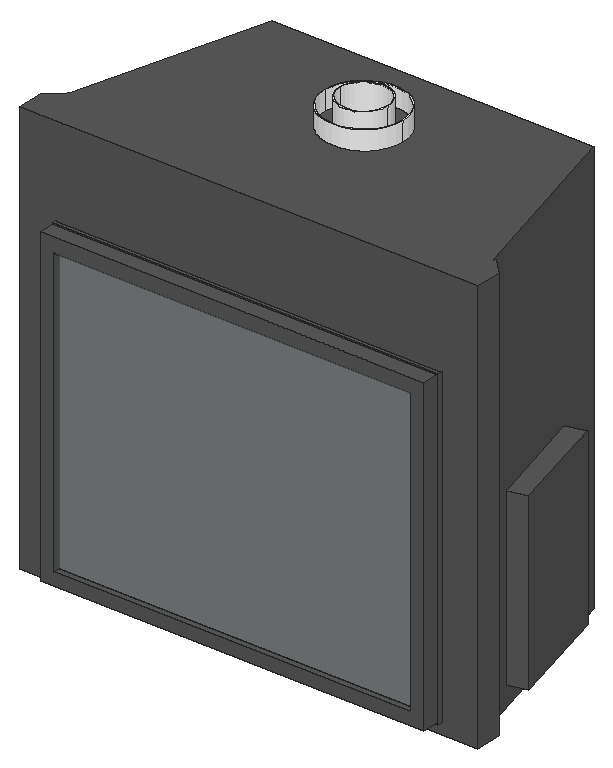
Revit family "H36PV", category Generic Models, Revit 2019
Family settings
  Can host rebar = No
  Round Connector Dimension = Use Diameter
  Part Type = Normal
  Work Plane-Based = No
  Always vertical = Yes
  Cut with Voids When Loaded = No
  Shared = No
  Room Calculation Point = No
Parameters
  Width = 12 5/16"
  URL = "https://www.montigo.com/"
  Model = ""
  Manufacturer Fax = ""
  Manufacturer Website = "https://www.montigo.com/"
  Manufacturer Phone - Toll Free = "800-378-3115"
  Manufacturer Phone = ""
  Manufacturer Address = "27342 Gloucester Way  Langley, BC, Canada   V4W 4A1"
  Manufacturer = "Montigo"
  Length = 53 7/16"
  Keynote = ""
  Glazing Tint = Glass - Montigo - Tint as Specified
  Frame Material = Metal - Montigo - Black
  Firebox Material = Metal - Montigo - White
  Fire Place Length = 50 5/16"
  Fire Place Height = 24 1/2"
  Fire Place - Opening = 16 9/16"
  Description = "Montigo Fireplace as Specified"
  Base Height = 6 9/16"
Reference planes (in)
  plane 1 "Center (Front/Back)": y = 0
  plane 2: z = 0
  plane 3 "Center (Left/Right)": x = 0
  plane 4: z = 5.25
  plane 5: z = 28
Forms (in)
  Extrusion 1, solid, material "Metal - Montigo - Black" <- "Frame Material"
    sketch origin (0, -46.333, 0) x (1, 0, 0) y (0, 1, 0)
      loop
        line (-16.14151, 69.364) -> (-21.21647, 50.424) -> (-21.40625, 50.424) -> (-22.90625, 48.924) -> (-22.90625, 46.333) -> (22.90625, 46.333) -> (22.90625, 48.924) -> (21.40625, 50.424) -> (21.24675, 50.424) -> (16.07813, 69.364) -> (-16.14151, 69.364)
    from 0 to 41.40625
  Extrusion 2, solid, material "Metal - Montigo - Black" <- "Frame Material"
    sketch origin (0, -46.333, 0) x (1, 0, 0) y (0, 1, 0)
      loop
        line (20.62815, 52.6908) -> (22.54221, 53.20367) -> (19.61186, 64.13988) -> (17.6474, 63.61351) -> (20.62815, 52.6908)
    from 2.125 to 19.5
  Extrusion 3, solid, material "Metal - Montigo - Black" <- "Frame Material"
    sketch origin (0, -46.333, 0) x (-1, 0, 0) y (0, -1, 0)
      loop
        line (20.62815, -52.6908) -> (17.6474, -63.61351) -> (19.61186, -64.13988) -> (22.54221, -53.20367) -> (20.62815, -52.6908)
    from 2.125 to 19.5
  Extrusion 4, solid, material "Metal - Montigo - Black" <- "Frame Material"
    sketch origin (0, -46.333, 0) x (1, 0, 0) y (0, 1, 0)
      loop
        line (19.28125, 46.333) -> (-19.28125, 46.333) -> (-19.28125, 45.893) -> (19.28125, 45.893) -> (19.28125, 46.333)
    from 1 to 32.4375
  Extrusion 5, solid, material "Metal - Montigo - Black" <- "Frame Material"
    sketch origin (0, -46.333, 0) x (1, 0, 0) y (0, 1, 0)
      loop
        line (19.15425, 45.893) -> (-19.15425, 45.893) -> (-19.15425, 44.285) -> (19.15425, 44.285) -> (19.15425, 45.893)
    from 1.125 to 32.375
  Extrusion 6, void
    sketch origin (42.25, -6.4375, 0) x (-1, 0, 0) y (0, 0, -1)
      loop
        line (60.125, -31) -> (60.125, -2.375) -> (24.375, -2.375) -> (24.375, -31) -> (60.125, -31)
    from -4.3895 to -5
Cuts and joins
  Extrusion 6 cuts Extrusion 5
Lines and regions (in)
  symbolic lines
    curve 1: line (74.30984, -34.08423, 0) -> (78.30984, -34.08423, 0)
Dimensions and locks (in)
  plane 5 to plane 4 to level = 22 3/4", 5 1/4"  (x2)
  nested 3 to level = 35 5/8"
  Extrusion 5 to Extrusion 5 = 38.3085"
  nested 2 to plane 1 "Center (Front/Back)" = 14.386"
  level to nested 3 = 35 5/8"
  aligned and locked: level to plane 2
  aligned and locked: nested 2 to nested 1
  aligned and locked: nested 1 to plane 3 "Center (Left/Right)"
  aligned and locked: nested 2 to plane 3 "Center (Left/Right)"
  aligned and locked: nested 3 to plane 3 "Center (Left/Right)"
Nested families (in)
  nested 1: "Duct Dia" at (0, 14.386, 41.40625) x (-1, 0, 0) z (0, 0, 1), type "4 7/8""
    with Intake Duct Dia 4 7/8", Intake Diameter 4 3/4", Height 2 5/8"
  nested 2: "Duct Dia" at (0, 14.386, 41.40625) x (-1, 0, 0) z (0, 0, 1), type "7 7/8""
    with Intake Duct Dia 7 7/8", Intake Diameter 7 3/4", Height 1 7/8"
  nested 3: "Duct Dia" at (0, 23.031, 35.625) x (-1, 0, 0) z (0, 1, 0), type "7 7/8""
    with Intake Duct Dia 7 7/8", Intake Diameter 7 3/4", Height 1 7/8"
Connectors (in)
  hvac at (0, 14.386, 44.03125)
    settings: on nested 1, index 8, duct flow 0.0 L/s, flow factor 0, pres drop 0.0 Pa, loss coef 0, conn angle 0.00°, conn width 304.8 mm, conn height 304.8 mm, conn diameter 123.825 mm, duct sys type 3, conn prof type 0, flow config 0, flow direction 0, loss method 0, conn ref index -1, conn util no, is conn primary yes, conn desc ""
  hvac at (0, 24.906, 35.625)
    settings: on nested 3, index 11, duct flow 0.0 L/s, flow factor 0, pres drop 0.0 Pa, loss coef 0, conn angle 0.00°, conn width 304.8 mm, conn height 304.8 mm, conn diameter 200.025 mm, duct sys type 3, conn prof type 0, flow config 0, flow direction 0, loss method 0, conn ref index -1, conn util no, is conn primary no, conn desc ""
  hvac at (0, 14.386, 43.28125)
    settings: on nested 2, index 12, duct flow 0.0 L/s, flow factor 0, pres drop 0.0 Pa, loss coef 0, conn angle 0.00°, conn width 304.8 mm, conn height 304.8 mm, conn diameter 200.025 mm, duct sys type 1, conn prof type 0, flow config 0, flow direction 0, loss method 0, conn ref index -1, conn util no, is conn primary no, conn desc ""
Definition of nested family "Duct Dia"
  Parameters (values of type "15 7/8" Dia.")
    Intake Duct Dia = 15 7/8"
    Intake Diameter = Intake Duct Dia - 1/8"  # 15 3/4"
    Height = 4"
    Firebox Material = none
    Default Elevation = 48"
  Types (12): name | Intake Duct Dia | Intake Diameter | Height
    9 7/8" Dia. | 9 7/8" | 9 3/4" | 4"
    7 7/8" Dia | 7 7/8" | 7 3/4" | 4"
    8 1/8" Dia | 8 1/8" | 8" | 1/4"
    11 3/4" Dia | 11 3/4" | 11 5/8" | 4"
    4" Dia | 10" | 9 7/8" | 4"
    7 3/4" Dia | 7 3/4" | 7 5/8" | 4"
    6 7/8" Dia | 6 7/8" | 6 3/4" | 1/4"
    9 3/4" Dia. | 9 3/4" | 9 5/8" | 4"
    7 1/8" Dia | 7 1/8" | 7" | 1/4"
    11 7/8" Dia. | 11 7/8" | 11 3/4" | 4"
    13 7/8" Dia. | 13 7/8" | 13 3/4" | 4"
    15 7/8" Dia. | 15 7/8" | 15 3/4" | 4"
  Reference planes (in)
    plane 1 "Center (Front/Back)": y = 0
    plane 2: z = 0
    plane 3 "Center (Left/Right)": x = 0
    plane 4: z = 4
  Forms (in)
    Extrusion 1, solid
      sketch origin (0, 0, 0) x (1, 0, 0) y (0, 1, 0)
        loop
          line (-48, 48) -> (-48, -48) -> (48, -48) -> (48, 48) -> (-48, 48)
      from 0 to -12
    Extrusion 2, solid, material <- "Firebox Material"
      sketch origin (0, 0, 0) x (1, 0, 0) y (0, 1, 0)
        loop
          circle (0, 0) r 7.9375
        loop
          circle (0, 0) r 7.875
      from 0 to 4
  Dimensions and locks (in)
    "Height": plane 4 to level
    "Intake Duct Dia": diameter of Extrusion 2 sketch curve
    "Intake Diameter": diameter of Extrusion 2 sketch curve
    aligned and locked: plane 2 to Extrusion 1
    aligned and locked: level to Extrusion 1
    aligned and locked: plane 4 to Extrusion 2
  Automatic sketch dimensions
    Extrusion 1 sketch curve to Extrusion 1 sketch curve = 96"  (x2)
    Extrusion 2 sketch curve to Extrusion 2 sketch curve = 0"  (x2)
    plane 1 "Center (Front/Back)" to Extrusion 2 sketch curve = 0"
    Extrusion 2 sketch curve to plane 3 "Center (Left/Right)" = 0"
